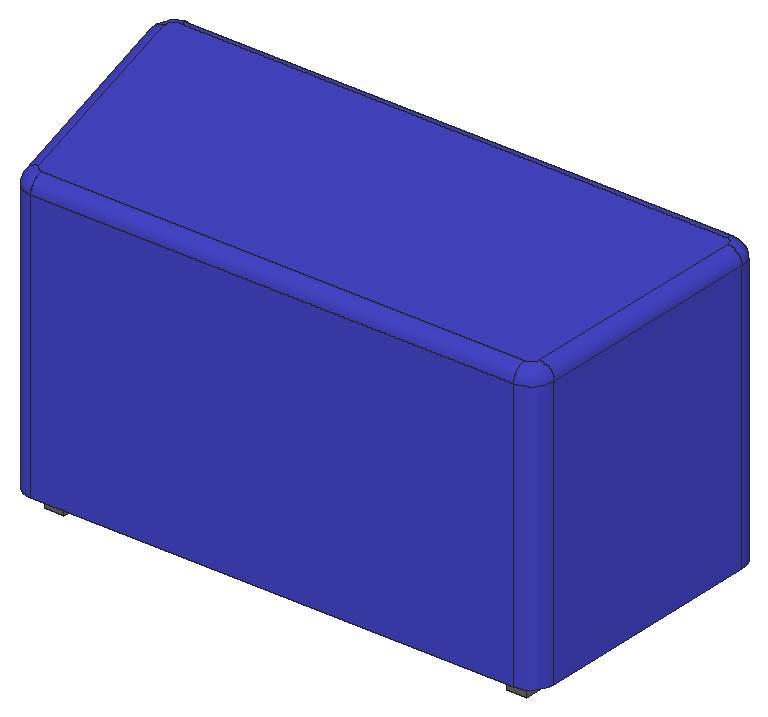
Revit family "01 Isku Amphi", category Furniture, Revit 2015
Parameters (values of type "3754 AMPHI B 54 cm")
  Width = 1053 mm  # constant formula
  Version = ""
  Uniclass 2015 Description = ""
  Uniclass 2015 Code = ""
  NominalLength = 0 mm
  NominalHeight = 0 mm
  NominalDepth = 0 mm
  NBSDescription = ""
  URL = "www.isku.fi"
  UNSPSC Code = ""
  Talo 2000 Hankenimike = ""
  ProdLibID = ""
  NBSReference = ""
  Model = "3754"  # constant formula
  IfcExportType = ""
  IfcExportAs = ""
  Height = 540 mm
  Depth = 500 mm  # constant formula
  BIMObjectName = ""
  Manufacturer = "Isku Oy"  # constant formula
  IfcClassification = ""
  COBIe Type Category = ""
  Available as antimicrobial = yes
  Author = "ProdLib Oy"  # constant formula
  Amphi mod. = Isku Amphi A : 3754 AMPHI A 54 cm
  Amphi material [instance] = Fabric - Blue
  Amphi B = not(Amphi A)  # yes
  Amphi A = no
Types (7, lengths in mm): name | Height | Amphi mod. | Amphi B | Amphi A
  (no name) | 540 | Isku Amphi A : 3754 AMPHI A 54 cm | yes | no
  3754 AMPHI A 26 cm | 260 | Isku Amphi A : 3754 AMPHI A 26 cm | no | yes
  3754 AMPHI A 40 cm | 400 | Isku Amphi A : 3754 AMPHI A 40 cm | no | yes
  3754 AMPHI A 54 cm | 540 | Isku Amphi A : 3754 AMPHI A 54 cm | no | yes
  3754 AMPHI B 26 cm | 260 | Isku Amphi A : 3754 AMPHI A 26 cm | yes | no
  3754 AMPHI B 40 cm | 400 | Isku Amphi A : 3754 AMPHI A 40 cm | yes | no
  3754 AMPHI B 54 cm | 540 | Isku Amphi A : 3754 AMPHI A 54 cm | yes | no
Reference planes
  plane 1 "Center (Front/Back)": y = 0
  plane 2: z = 0
  plane 3 "Center (Left/Right)": x = 0
  plane 4: x = -526.5
  plane 5: x = 526.5
  plane 6: y = 250
  plane 7: y = -250
  plane 8: z = 540
Dimensions and locks
  equal spacing: plane 4, plane 3 "Center (Left/Right)", plane 5
  "Width": plane 4 to plane 5
  equal spacing: plane 6, plane 1 "Center (Front/Back)", plane 7
  "Depth": plane 6 to plane 7
  "Height": plane 8 to level
  aligned and locked: level to plane 2
  aligned and locked: plane 1 "Center (Front/Back)" to nested 1
  aligned and locked: plane 3 "Center (Left/Right)" to nested 1
  aligned and locked: nested 2 to plane 1 "Center (Front/Back)"
  aligned and locked: plane 3 "Center (Left/Right)" to nested 2
Nested families
  nested 1: "Isku Amphi A" at (0, 0, 0), visible <- "Amphi A", type <- "Amphi mod.", Amphi material <- "Amphi material", type "3754 AMPHI A 54 cm"
    with Amphi material Fabric - Blue
  nested 2: "Isku Amphi A" at (0, 0, 0) x (-1, 0, 0) z (0, 0, 1), visible <- "Amphi B", type <- "Amphi mod.", Amphi material <- "Amphi material", type "3754 AMPHI A 54 cm"
    with Amphi material Fabric - Blue
Definition of nested family "Isku Amphi A"
  Parameters (values of type "3754 AMPHI A 54 cm")
    Width = 1053 mm
    Version = ""
    Uniclass 2015 Description = ""
    Uniclass 2015 Code = ""
    NominalLength = 0 mm
    NominalHeight = 0 mm
    NominalDepth = 0 mm
    NBSDescription = ""
    URL = "www.isku.fi"
    UNSPSC Code = ""
    Talo 2000 Hankenimike = ""
    ProdLibID = ""
    NBSReference = ""
    IfcExportType = ""
    IfcExportAs = ""
    Height = 540 mm
    Depth = 500 mm
    BIMObjectName = ""
    Manufacturer = "Isku Oy"  # constant formula
    IfcClassification = ""
    COBIe Type Category = ""
    Available as antimicrobial = yes
    Author = "ProdLib Oy"  # constant formula
    Amphi material [instance] = none
  Types (4, lengths in mm): name | Height
    (no name) | 540
    3754 AMPHI A 26 cm | 260
    3754 AMPHI A 54 cm | 540
    3754 AMPHI A 40 cm | 400
  Reference planes
    plane 1 "Center (Front/Back)": y = 0
    plane 2: z = 0
    plane 3 "Center (Left/Right)": x = 0
    plane 4: x = -526.5
    plane 5: x = 526.5
    plane 6: y = 250
    plane 7: y = -250
    plane 8: z = 540
    plane 9: x = 374.832
    plane 10: x = -486.5
    plane 11: y = 210
    plane 12: y = -210
    plane 13: x = 413.469
    plane 14: x = 487.371
    plane 15: z = 30
    plane 16: y = -220.353
    plane 17: y = 201.483
  Forms (mm)
    Extrusion 1, solid, material <- "Amphi material"
      sketch origin (0, 0, 0) x (1, 0, 0) y (0, 1, 0)
        loop
          arc (-486.5, 250) -> (-514.784, 238.284) -> (-526.5, 210) r 40
          line (-526.5, 210) -> (-526.5, -210)
          arc (-526.5, -210) -> (-514.784, -238.284) -> (-486.5, -250) r 40
          line (-486.5, -250) -> (374.832, -250)
          arc (374.832, -250) -> (399.183, -241.734) -> (413.469, -220.353) r 40
          line (413.469, -220.353) -> (526.5, 201.483)
          arc (526.5, 201.483) -> (518.536, 235.097) -> (487.371, 250) r 40.037
          line (487.371, 250) -> (-486.5, 250)
      from 30 to 540
    Sweep 2, void
      path in 3D
        loop
          arc (-526.5, -210, 540) -> (-514.784, -238.284, 540) -> (-486.5, -250, 540) r 40
          line (-486.5, -250, 540) -> (374.832, -250, 540)
          arc (374.832, -250, 540) -> (399.183, -241.734, 540) -> (413.469, -220.353, 540) r 40
          line (413.469, -220.353, 540) -> (526.5, 201.483, 540)
          arc (526.5, 201.483, 540) -> (518.536, 235.097, 540) -> (487.371, 250, 540) r 40.037
          line (487.371, 250, 540) -> (-486.5, 250, 540)
          arc (-486.5, 250, 540) -> (-514.784, 238.284, 540) -> (-526.5, 210, 540) r 40
          line (-526.5, 210, 540) -> (-526.5, -210, 540)
      profile origin (-526.5, 0, 540) x (1, 0, 0) y (0, 0, 1)
        loop
          line (0, 0) -> (0, -25)
          arc (0, -25) -> (7.322, -7.322) -> (25, 0) r 25
          line (25, 0) -> (0, 0)
    Extrusion 3, solid
      sketch origin (0, 0, 0) x (1, 0, 0) y (0, 1, 0)
        loop
          line (-486.5, 210) -> (-486.5, 175) -> (-451.5, 175) -> (-451.5, 210) -> (-486.5, 210)
        loop
          line (452.371, 210) -> (452.371, 175) -> (487.371, 175) -> (487.371, 210) -> (452.371, 210)
        loop
          line (339.832, -185.353) -> (339.832, -220.353) -> (374.832, -220.353) -> (374.832, -185.353) -> (339.832, -185.353)
        loop
          line (-486.5, -185.353) -> (-486.5, -220.353) -> (-451.5, -220.353) -> (-451.5, -185.353) -> (-486.5, -185.353)
      from 0 to 30
  Cuts and joins
    Sweep 2 cuts Extrusion 1
  Lines and regions (mm)
    sketch lines
      curve 1: line (-526.5, 210, 540) -> (-526.5, -210, 540)
      curve 2: line (-486.5, -250, 540) -> (374.832, -250, 540)
      curve 3: arc (-486.5, -250, 540) -> (-514.784, -238.284, 540) -> (-526.5, -210, 540) r 40
      curve 4: arc (413.469, -220.353, 540) -> (399.183, -241.734, 540) -> (374.832, -250, 540) r 40
      curve 5: line (413.469, -220.353, 540) -> (526.5, 201.483, 540)
      curve 6: arc (487.371, 250, 540) -> (518.536, 235.097, 540) -> (526.5, 201.483, 540) r 40.037
      curve 7: line (487.371, 250, 540) -> (-486.5, 250, 540)
      curve 8: arc (-526.5, 210, 540) -> (-514.784, 238.284, 540) -> (-486.5, 250, 540) r 40
  Dimensions and locks
    equal spacing: plane 4, plane 3 "Center (Left/Right)", plane 5
    "Width": plane 4 to plane 5
    equal spacing: plane 6, plane 1 "Center (Front/Back)", plane 7
    "Depth": plane 6 to plane 7
    "Height": plane 8 to level
    locked: plane 15 to level at 30
    aligned and locked: level to plane 2
    aligned and locked: plane 8 to Extrusion 1
    aligned and locked: Extrusion 1 to plane 15
    aligned and locked: Extrusion 1 sketch curve to plane 6
    aligned and locked: plane 4 to Extrusion 1 sketch curve
    aligned and locked: Extrusion 1 sketch curve to plane 7
    aligned and locked: plane 10 to Extrusion 1 sketch curve  (x2)
    aligned and locked: plane 11 to Extrusion 1 sketch curve
    aligned and locked: plane 12 to Extrusion 1 sketch curve
    aligned and locked: plane 9 to Extrusion 1 sketch curve
    aligned and locked: plane 16 to Extrusion 1 sketch curve
    aligned and locked: plane 17 to Extrusion 1 sketch curve
    aligned and locked: plane 14 to Extrusion 1 sketch curve
    aligned and locked: plane 15 to Extrusion 3
    aligned and locked: Extrusion 3 to plane 2
  Automatic sketch dimensions
    Extrusion 1 sketch curve to plane 13 = 0 mm
    Extrusion 1 sketch curve to plane 5 = 0 mm
    profile plane to Sweep 2 sketch curve = 0 mm
    Sweep 2 sketch curve to profile plane = 0 mm
    Sweep 2 sketch curve to Sweep 2 sketch curve = 25 mm
    Extrusion 3 sketch curve to plane 10 = 0 mm  (x2)
    Extrusion 3 sketch curve to plane 11 = 0 mm  (x2)
    plane 16 to Extrusion 3 sketch curve = 0 mm
    plane 12 to Extrusion 3 sketch curve = 10.353 mm
    Extrusion 3 sketch curve to plane 9 = 0 mm
    Extrusion 3 sketch curve to plane 14 = 0 mm
    plane 10 to Extrusion 3 sketch curve = 35 mm  (x2)
    plane 9 to Extrusion 3 sketch curve = 35 mm
    Extrusion 3 sketch curve to plane 14 = 35 mm
    Extrusion 3 sketch curve to plane 12 = 24.647 mm  (x2)
    Extrusion 3 sketch curve to plane 17 = 26.483 mm  (x2)
